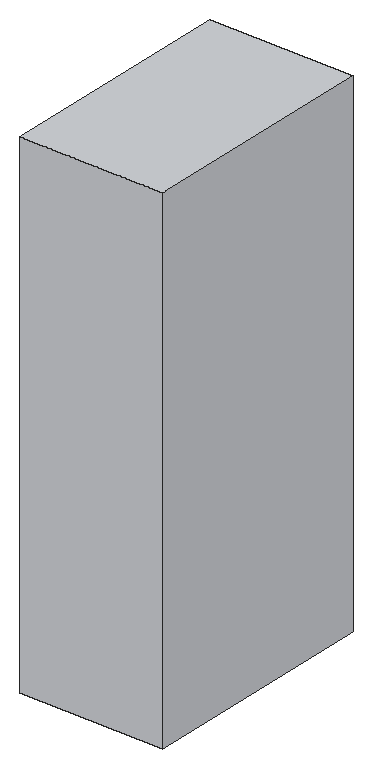
Revit family "第二期車站10_RTU機櫃_600x1000x2100", category 電氣設備, Revit 2025
Family settings
  面板規劃 = 兩欄，回路穿越
  圓形接點標註 = 使用直徑
  組件類型 = 分電盤
  OmniClass 編號 = 23.80.30.11.17
  OmniClass 標題 = Distribution Boards and Control Panels
  以工作平面為基礎 = 否
  總是垂直 = 是
  載入時使用空心切割 = 否
  維持標註方位 = 否
  共用 = 否
  房間計算點 = 否
Parameters (values of type "RTU 與網路機櫃")
  built-in parameter 1155100 [instance] = -1
  Default Elevation = 0 mm
  built-in parameter 1140142 [instance] = -1
  SCADA_高mm [instance] = "2100"
  SCADA_附錄F項次 [instance] = "28"
  SCADA_附錄D項次 [instance] = "19"
  SCADA_編號 [instance] = "P2S10-COMS-RTU-01"
  SCADA_站點 [instance] = "車站 10"
  SCADA_深mm [instance] = "1000"
  SCADA_機櫃類型 [instance] = "RTU 與網路機櫃"
  SCADA_期別 [instance] = "第二期"
  SCADA_房間 [instance] = "COMS/SCADA 設備室"
  SCADA_建物 [instance] = "車站"
  SCADA_尺寸 [instance] = "600W×1000D×2100H"
  SCADA_寬mm [instance] = "600"
  SCADA_定位來源 [instance] = "獨立設備族群（載入專案後定位）"
  SCADA_備註 [instance] = ""
  SCADA_來源文件 [instance] = "Installation SoW_V6（Rev.006, 2026-07-02）附錄 D / F；依原文顏色標示排除已刪除項目"
  SCADA_UPS電源110V [instance] = "雙 UPS 電源（2×4500VA）"
  built-in parameter 1140140 [instance] = 1 (stored number, unit not read)
Reference planes
  plane 1 "中心 (前/後)": y = 0
  plane 2: z = 0
  plane 3 "中心 (左/右)": x = 0
Forms (mm)
  Extrusion 1, solid
    sketch origin (0, 0, 0) x (1, 0, 0) y (0, 1, 0)
      loop
        line (-300, -500) -> (300, -500) -> (300, 500) -> (-300, 500) -> (-300, -500)
    from 0 to 2100
Lines and regions (mm)
  model lines, style "開門線"
    curve 1: line (300, -500, 0) -> (300, -1100, 0)
    curve 2: arc (-300, -500, 0) -> (-124.264, -924.264, 0) -> (300, -1100, 0) r 600
    curve 3: line (-300, 500, 0) -> (-300, 1100, 0)
    curve 4: arc (300, 500, 0) -> (124.264, 924.264, 0) -> (-300, 1100, 0) r 600
Dimensions and locks
  aligned and locked: level to plane 2
